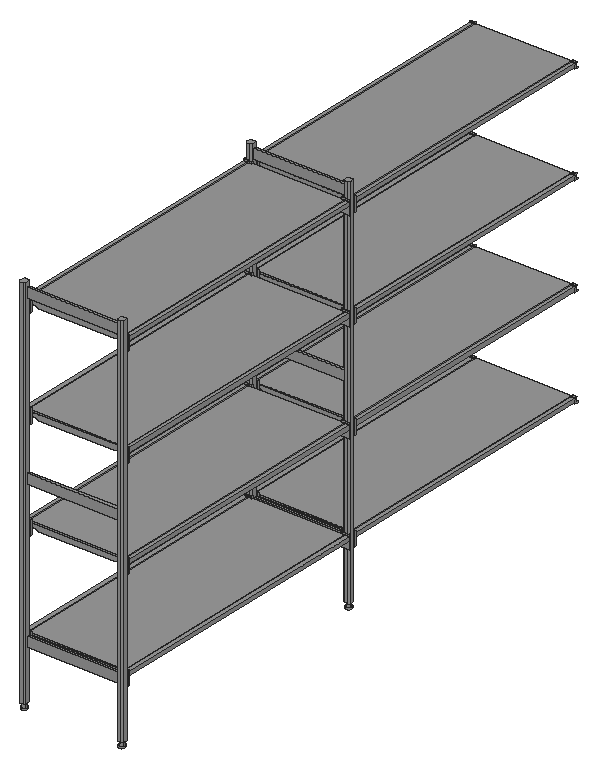
Revit family "QF_ZANUSSI_137087_CLS2548", category Attrezzature speciali, Revit 2020
Family settings
  Quota connettore circolare = Usa diametro
  Tipo di parte = Normale
  Basato su piano di lavoro = No
  Sempre verticale = Sì
  Taglio con vuoti quando caricato = No
  Condiviso = No
  Punto di calcolo locali = No
Parameters (values of type "Standard")
  Weight = 44.00 kg
  Watts = 0 W
  Volts = 0 V
  URL Manufacturer = "http://www.zanussiprofessional.com"
  URL = "http://www.zanussiprofessional.com"
  Steam Supply Size = 0 mm
  Steam Supply Minimum Pressure = 0.0 Pa
  Steam Supply Maximum Pressure = 0.0 Pa
  Steam Consumption per Hour = 0
  Refrigeration Suction Line Size = 0.0 mm
  Refrigeration Liquid Line Size = 0.0 mm
  Refrigerant Compressor Remote = yes
  Prospetto di default = 0.0 mm
  Phase = 0
  Modello = "CLS2548"
  Produttore = "Zanussi"
  Length Actual = 2552.0 mm  # constant formula
  Item Number = "137087"
  Hot Water Size = 0 mm
  Height Actual = 1700.0 mm  # constant formula
  HP = "0 HP"
  Gas Size = 0 mm
  Gas KW = 0
  Gas Input Pressure = 0 W
  Direct Waste Size = 0 mm
  Descrizione = "ALUM.CORNER SHELV.-POLY.TIERS-475X2552MM"
  Depth Actual = 475.0 mm  # constant formula
  Cycle = 0 Hz
  Condensate Return Size = 0 mm
  Compressed Air Volume = 0.0 L/s
  Compressed Air Size = 0 mm
  Compressed Air Pressure = 0.0 Pa
  Cold Water Size = 0 mm
  Accessory = yes
Reference planes
  plane 1: z = 0
  plane 2 "CenterLeft": y = -535.5
  plane 3 "FRONT": y = -921.5
  plane 4 "LEFT": x = 192.5
  plane 5 "RIGHT": x = 667.5
  plane 6 "TOP": z = 1700
  plane 7: y = -889.5
  plane 8: y = 350.5
  plane 9 "Center (Left/Back)": x = 430
  plane 10: x = 256
  plane 11: x = 668
  plane 12 "FEET": z = 25
  plane 13: z = 275
  plane 14: z = 725
  plane 15: z = 1175
  plane 16: z = 1625
  plane 17 "CXLeft": y = -907.5
  plane 18 "Center (Front/Back)": y = 368.5
  plane 19 "CYFront": x = 510
  plane 20: y = 1626.5
  plane 21: y = 386.5
  plane 22 "BACK": y = 1630.5
  plane 23 "LEFT_ORIGIN": x = 158.5
  plane 24 "BACK_ORIGIN": y = 2105.5
Forms (mm)
  Extrusion 1, solid, material "QF_Aluminum"
    sketch origin (38.022, -921.5, -4.006) x (-1, 0, 0) y (0, 0, 1)
      loop
        line (-189.5, 1637.003) -> (-173.5, 1637.003) -> (-173.5, 1655) -> (-175.493, 1655) -> (-175.493, 1648.501) -> (-608.5, 1648.501) -> (-608.5, 1655) -> (-610.5, 1655) -> (-610.5, 1637.003) -> (-594.5, 1637.003) -> (-560.5, 1625) -> (-223.5, 1625) -> (-189.5, 1637.003)
      loop
        line (-189.5, 1187.003) -> (-173.5, 1187.003) -> (-173.5, 1205) -> (-175.493, 1205) -> (-175.493, 1198.501) -> (-608.5, 1198.501) -> (-608.5, 1205) -> (-610.5, 1205) -> (-610.5, 1187.003) -> (-594.5, 1187.003) -> (-560.5, 1175) -> (-223.5, 1175) -> (-189.5, 1187.003)
      loop
        line (-189.5, 737.003) -> (-173.5, 737.003) -> (-173.5, 755) -> (-175.493, 755) -> (-175.493, 748.501) -> (-608.5, 748.501) -> (-608.5, 755) -> (-610.5, 755) -> (-610.5, 737.003) -> (-594.5, 737.003) -> (-560.5, 725) -> (-223.5, 725) -> (-189.5, 737.003)
      loop
        line (-189.5, 287.003) -> (-173.5, 287.003) -> (-173.5, 305) -> (-175.493, 305) -> (-175.493, 298.501) -> (-608.5, 298.501) -> (-608.5, 305) -> (-610.5, 305) -> (-610.5, 287.003) -> (-594.5, 287.003) -> (-560.5, 275) -> (-223.5, 275) -> (-189.5, 287.003)
    from 37 to 32
  Extrusion 2, solid, material "QF_Aluminum"
    sketch origin (38.022, -921.5, 0) x (-1, 0, 0) y (0, 0, 1)
      loop
        line (-154.478, 246.005) -> (-154.478, 307.993) -> (-190.471, 307.993) -> (-190.471, 246.005) -> (-154.478, 246.005)
      loop
        line (-593.484, 246.005) -> (-593.484, 307.993) -> (-629.478, 307.993) -> (-629.478, 246.005) -> (-593.484, 246.005)
      loop
        line (-154.478, 696.005) -> (-154.478, 757.993) -> (-190.471, 757.993) -> (-190.471, 696.005) -> (-154.478, 696.005)
      loop
        line (-593.484, 696.005) -> (-593.484, 757.993) -> (-629.478, 757.993) -> (-629.478, 696.005) -> (-593.484, 696.005)
      loop
        line (-154.478, 1146.005) -> (-154.478, 1207.993) -> (-190.471, 1207.993) -> (-190.471, 1146.005) -> (-154.478, 1146.005)
      loop
        line (-593.484, 1146.005) -> (-593.484, 1207.993) -> (-629.478, 1207.993) -> (-629.478, 1146.005) -> (-593.484, 1146.005)
      loop
        line (-154.478, 1596.005) -> (-154.478, 1657.993) -> (-190.471, 1657.993) -> (-190.471, 1596.005) -> (-154.478, 1596.005)
      loop
        line (-593.484, 1596.005) -> (-593.484, 1657.993) -> (-629.478, 1657.993) -> (-629.478, 1596.005) -> (-593.484, 1596.005)
    from 28 to 32
  Extrusion 3, solid, material "QF_Aluminum"
    sketch origin (38.022, -921.5, 0) x (-1, 0, 0) y (0, 0, 1)
      loop
        line (-154.5, 1650.994) -> (-173.5, 1650.994) -> (-173.5, 1632.998) -> (-154.5, 1632.998) -> (-154.5, 1650.994)
      loop
        line (-154.5, 1200.994) -> (-173.5, 1200.994) -> (-173.5, 1182.998) -> (-154.5, 1182.998) -> (-154.5, 1200.994)
      loop
        line (-154.5, 750.994) -> (-173.5, 750.994) -> (-173.5, 732.998) -> (-154.5, 732.998) -> (-154.5, 750.994)
      loop
        line (-154.5, 300.994) -> (-173.5, 300.994) -> (-173.5, 282.998) -> (-154.5, 282.998) -> (-154.5, 300.994)
      loop
        line (-629.455, 1650.994) -> (-629.455, 1632.998) -> (-610.455, 1632.998) -> (-610.455, 1650.994) -> (-629.455, 1650.994)
      loop
        line (-629.455, 1200.994) -> (-629.455, 1182.998) -> (-610.455, 1182.998) -> (-610.455, 1200.994) -> (-629.455, 1200.994)
      loop
        line (-629.455, 750.994) -> (-629.455, 732.998) -> (-610.455, 732.998) -> (-610.455, 750.994) -> (-629.455, 750.994)
      loop
        line (-629.455, 300.994) -> (-629.455, 282.998) -> (-610.455, 282.998) -> (-610.455, 300.994) -> (-629.455, 300.994)
    from 32 to 1272
  Extrusion 4, solid, material "QF_Polyethylene"
    sketch origin (38.022, -921.5, 0) x (-1, 0, 0) y (0, 0, 1)
      loop
        line (-175.493, 1650.994) -> (-608.5, 1650.994) -> (-608.5, 1644.496) -> (-175.493, 1644.496) -> (-175.493, 1650.994)
      loop
        line (-175.493, 1200.994) -> (-608.5, 1200.994) -> (-608.5, 1194.496) -> (-175.493, 1194.496) -> (-175.493, 1200.994)
      loop
        line (-175.493, 750.994) -> (-608.5, 750.994) -> (-608.5, 744.496) -> (-175.493, 744.496) -> (-175.493, 750.994)
      loop
        line (-175.493, 300.994) -> (-608.5, 300.994) -> (-608.5, 294.496) -> (-175.493, 294.496) -> (-175.493, 300.994)
    from 32 to 1272
  Extrusion 5, solid, material "QF_Aluminum"
    sketch origin (38.022, 684.5, 0) x (-1, 0, 0) y (0, 0, 1)
      loop
        line (-154.5, 1650.994) -> (-173.5, 1650.994) -> (-173.5, 1632.998) -> (-154.5, 1632.998) -> (-154.5, 1650.994)
      loop
        line (-610.455, 1650.994) -> (-629.455, 1650.994) -> (-629.455, 1632.998) -> (-610.455, 1632.998) -> (-610.455, 1650.994)
      loop
        line (-154.5, 1200.994) -> (-173.5, 1200.994) -> (-173.5, 1182.998) -> (-154.5, 1182.998) -> (-154.5, 1200.994)
      loop
        line (-610.455, 1200.994) -> (-629.455, 1200.994) -> (-629.455, 1182.998) -> (-610.455, 1182.998) -> (-610.455, 1200.994)
      loop
        line (-154.5, 750.994) -> (-173.5, 750.994) -> (-173.5, 732.998) -> (-154.5, 732.998) -> (-154.5, 750.994)
      loop
        line (-610.455, 750.994) -> (-629.455, 750.994) -> (-629.455, 732.998) -> (-610.455, 732.998) -> (-610.455, 750.994)
      loop
        line (-154.5, 300.994) -> (-173.5, 300.994) -> (-173.5, 282.998) -> (-154.5, 282.998) -> (-154.5, 300.994)
      loop
        line (-610.455, 300.994) -> (-629.455, 300.994) -> (-629.455, 282.998) -> (-610.455, 282.998) -> (-610.455, 300.994)
    from 942 to -298
  Extrusion 6, solid, material "QF_Polyethylene"
    sketch origin (38.022, 684.5, 0) x (-1, 0, 0) y (0, 0, 1)
      loop
        line (-175.493, 1650.994) -> (-608.5, 1650.994) -> (-608.5, 1644.496) -> (-175.493, 1644.496) -> (-175.493, 1650.994)
      loop
        line (-175.493, 1200.994) -> (-608.5, 1200.994) -> (-608.5, 1194.496) -> (-175.493, 1194.496) -> (-175.493, 1200.994)
      loop
        line (-175.493, 750.994) -> (-608.5, 750.994) -> (-608.5, 744.496) -> (-175.493, 744.496) -> (-175.493, 750.994)
      loop
        line (-175.493, 300.994) -> (-608.5, 300.994) -> (-608.5, 294.496) -> (-175.493, 294.496) -> (-175.493, 300.994)
    from 942 to -298
Lines and regions (mm)
  symbolic lines
    curve 1: line (256, -912.5, 1700) -> (668, -912.5, 1700)
    curve 2: line (668, -902.5, 1700) -> (256, -902.5, 1700)
    curve 3: line (192.5, -893.5, 1700) -> (192.5, 354.5, 1700)
    curve 4: line (667.5, -889.5, 1700) -> (667.5, 350.5, 1700)
    curve 5: line (192.5, 382.5, 1700) -> (192.5, 1630.5, 1700)
    curve 6: line (667.5, 382.5, 1700) -> (667.5, 1630.5, 1700)
    curve 7: line (648.478, 350.5, 1700) -> (648.478, -889.5, 1700)
    curve 8: line (211.522, -889.5, 1700) -> (211.522, 350.5, 1700)
    curve 9: line (211.522, 386.5, 1700) -> (211.522, 1626.5, 1700)
    curve 10: line (648.478, 1626.5, 1700) -> (648.478, 386.5, 1700)
Dimensions and locks
  plane 3 "FRONT" to plane 2 "CenterLeft" = 386.0 mm
  locked: plane 6 "TOP" to level at 1700
  locked: plane 7 to plane 8 at 1240
  locked: plane 10 to plane 11 at 412
  plane 10 to plane 9 "Center (Left/Back)" to plane 11 = 174.0 mm, 238.0 mm
  equal spacing: plane 4 "LEFT", plane 9 "Center (Left/Back)", plane 5 "RIGHT"
  plane 12 "FEET" to level = 25.0 mm
  plane 6 "TOP" to plane 12 "FEET" = 1675.0 mm
  plane 13 to plane 12 "FEET" = 250.0 mm
  plane 14 to plane 13 = 450.0 mm
  plane 15 to plane 14 = 450.0 mm
  plane 16 to plane 15 = 450.0 mm
  locked: plane 21 to plane 20 at 1240
  locked: plane 8 to plane 18 "Center (Front/Back)" at 18
  locked: plane 18 "Center (Front/Back)" to plane 21 at 18
  locked: plane 3 "FRONT" to plane 7 at 32
  locked: plane 4 "LEFT" to plane 5 "RIGHT" at 475
  locked: plane 23 "LEFT_ORIGIN" to plane 5 "RIGHT" at 509
  locked: plane 22 "BACK" to plane 24 "BACK_ORIGIN" at 475
  locked: plane 22 "BACK" to plane 3 "FRONT" at 2552
  aligned and locked: level to plane 1
  aligned and locked: Extrusion 1 to plane 7
  aligned and locked: plane 7 to Extrusion 2
  aligned and locked: Extrusion 4 to plane 7
  aligned and locked: plane 8 to Extrusion 4
  aligned and locked: Extrusion 3 to plane 7
  aligned and locked: plane 8 to Extrusion 3
  aligned and locked: Extrusion 1 sketch curve to Extrusion 1 sketch curve  (x3)
  aligned and locked: Extrusion 5 sketch curve to Extrusion 5 sketch curve  (x2)
  aligned and locked: Extrusion 5 to plane 21  (x5)
  aligned and locked: Extrusion 6 to plane 21  (x5)
  aligned and locked: nested 2 to plane 18 "Center (Front/Back)"
  aligned and locked: plane 17 "CXLeft" to nested 1
  aligned and locked: plane 7 to Extrusion 3  (x3)
  aligned and locked: Extrusion 3 to plane 8  (x4)
  aligned and locked: Extrusion 4 to plane 8  (x4)
  aligned and locked: plane 20 to Extrusion 5
  aligned and locked: plane 20 to Extrusion 6
  aligned and locked: Extrusion 5 to plane 20  (x3)
  aligned and locked: Extrusion 6 to plane 20  (x3)
  aligned and locked: plane 9 "Center (Left/Back)" to nested 2
  aligned and locked: nested 3 to plane 22 "BACK"
Automatic sketch dimensions
  Extrusion 1 sketch curve to plane 19 "CYFront" = 138.522 mm  (x4)
  plane 11 to Extrusion 1 sketch curve = 35.478 mm  (x4)
  Extrusion 1 sketch curve to plane 13 = 4.006 mm
  Extrusion 1 sketch curve to Extrusion 1 sketch curve = 34.0 mm  (x4)
  Extrusion 1 sketch curve to plane 14 = 4.006 mm
  Extrusion 1 sketch curve to plane 15 = 4.006 mm
  Extrusion 1 sketch curve to plane 16 = 4.006 mm
  Extrusion 1 sketch curve to plane 10 = 5.522 mm  (x4)
  plane 10 to Extrusion 1 sketch curve = 28.478 mm  (x4)
  plane 13 to Extrusion 1 sketch curve = 7.998 mm  (x2)
  Extrusion 1 sketch curve to Extrusion 1 sketch curve = 11.498 mm  (x4)
  Extrusion 1 sketch curve to Extrusion 1 sketch curve = 6.499 mm  (x8)
  plane 14 to Extrusion 1 sketch curve = 7.998 mm  (x2)
  plane 15 to Extrusion 1 sketch curve = 7.998 mm  (x2)
  plane 16 to Extrusion 1 sketch curve = 7.998 mm  (x2)
  plane 5 "RIGHT" to Extrusion 2 sketch curve = 35.993 mm  (x4)
  Extrusion 2 sketch curve to plane 4 "LEFT" = 0.0 mm  (x4)
  plane 11 to Extrusion 2 sketch curve = 0.5 mm  (x4)
  plane 10 to Extrusion 2 sketch curve = 27.507 mm  (x4)
  Extrusion 2 sketch curve to plane 13 = 28.995 mm  (x2)
  plane 13 to Extrusion 2 sketch curve = 32.993 mm  (x2)
  Extrusion 2 sketch curve to plane 14 = 28.995 mm  (x2)
  plane 14 to Extrusion 2 sketch curve = 32.993 mm  (x2)
  Extrusion 2 sketch curve to plane 15 = 28.995 mm  (x2)
  plane 15 to Extrusion 2 sketch curve = 32.993 mm  (x2)
  Extrusion 2 sketch curve to plane 16 = 28.995 mm  (x2)
  plane 16 to Extrusion 2 sketch curve = 32.993 mm  (x2)
  plane 13 to Extrusion 4 sketch curve = 19.496 mm
  Extrusion 4 sketch curve to Extrusion 4 sketch curve = 6.499 mm  (x4)
  plane 14 to Extrusion 4 sketch curve = 19.496 mm
  plane 15 to Extrusion 4 sketch curve = 19.496 mm
  plane 16 to Extrusion 4 sketch curve = 19.496 mm
  plane 5 "RIGHT" to Extrusion 5 sketch curve = 0.022 mm  (x4)
  Extrusion 5 sketch curve to plane 4 "LEFT" = 19.022 mm  (x4)
  Extrusion 5 sketch curve to plane 19 "CYFront" = 138.478 mm  (x2)
  plane 13 to Extrusion 5 sketch curve = 7.998 mm  (x2)
  Extrusion 5 sketch curve to Extrusion 5 sketch curve = 17.997 mm  (x8)
  plane 14 to Extrusion 5 sketch curve = 7.998 mm  (x2)
  plane 15 to Extrusion 5 sketch curve = 7.998 mm  (x2)
  plane 16 to Extrusion 5 sketch curve = 7.998 mm  (x2)
  Extrusion 6 sketch curve to plane 19 "CYFront" = 136.522 mm  (x4)
  plane 13 to Extrusion 6 sketch curve = 19.496 mm
  Extrusion 6 sketch curve to Extrusion 6 sketch curve = 6.499 mm  (x4)
  plane 14 to Extrusion 6 sketch curve = 19.496 mm
  plane 15 to Extrusion 6 sketch curve = 19.496 mm
  plane 16 to Extrusion 6 sketch curve = 19.496 mm
  plane 5 "RIGHT" to Extrusion 3 sketch curve = 0.022 mm  (x4)
  Extrusion 3 sketch curve to Extrusion 3 sketch curve = 19.0 mm  (x4)
  plane 14 to Extrusion 3 sketch curve = 7.998 mm  (x2)
  plane 10 to Extrusion 3 sketch curve = 44.478 mm  (x4)
  Extrusion 3 sketch curve to plane 4 "LEFT" = 0.022 mm  (x4)
  plane 13 to Extrusion 3 sketch curve = 25.994 mm  (x2)
  plane 13 to Extrusion 3 sketch curve = 7.998 mm  (x2)
  Extrusion 3 sketch curve to Extrusion 3 sketch curve = 17.997 mm  (x6)
  plane 15 to Extrusion 3 sketch curve = 7.998 mm  (x2)
  plane 16 to Extrusion 3 sketch curve = 7.998 mm  (x2)
  plane 10 to Extrusion 1 sketch curve = 42.484 mm  (x4)
  plane 10 to Extrusion 1 sketch curve = 44.478 mm  (x2)
  Extrusion 1 sketch curve to Extrusion 1 sketch curve = 1.993 mm  (x2)
  plane 10 to Extrusion 4 sketch curve = 42.484 mm  (x4)
  Extrusion 5 sketch curve to plane 4 "LEFT" = 0.022 mm  (x4)
  plane 10 to Extrusion 6 sketch curve = 42.484 mm  (x4)
  Extrusion 1 sketch curve to Extrusion 1 sketch curve = 2.0 mm
  plane 5 "RIGHT" to Extrusion 4 sketch curve = 20.978 mm  (x4)
  curve 1 to plane 11 = 0.0 mm
  curve 1 to plane 10 = 0.0 mm
  curve 2 to plane 10 = 0.0 mm
  curve 2 to plane 11 = 0.0 mm
  curve 3 to plane 4 "LEFT" = 0.0 mm
  curve 4 to plane 5 "RIGHT" = 0.0 mm
  plane 7 to curve 4 = 0.0 mm
  plane 7 to curve 8 = 0.0 mm
  plane 8 to curve 8 = 0.0 mm
  plane 8 to curve 7 = 0.0 mm
  plane 8 to curve 4 = 0.0 mm
  curve 5 to plane 4 "LEFT" = 0.0 mm
  curve 6 to plane 5 "RIGHT" = 0.0 mm
  plane 20 to curve 9 = 0.0 mm
  plane 22 "BACK" to curve 5 = 0.0 mm
  plane 22 "BACK" to curve 6 = 0.0 mm
  plane 7 to curve 3 = 4.0 mm
  plane 17 "CXLeft" to curve 2 = 5.0 mm
  curve 1 to plane 17 "CXLeft" = 5.0 mm
  curve 3 to plane 8 = 4.0 mm
  curve 6 to plane 21 = 4.0 mm
  curve 9 to plane 4 "LEFT" = 19.022 mm
  curve 8 to plane 4 "LEFT" = 19.022 mm
  curve 9 to plane 21 = 0.0 mm
  plane 21 to curve 10 = 0.0 mm
  curve 5 to plane 21 = 4.0 mm
  plane 7 to curve 7 = 0.0 mm
  curve 4 to curve 7 = 19.022 mm
  plane 20 to curve 10 = 0.0 mm
  plane 5 "RIGHT" to curve 10 = 19.022 mm
Nested families
  nested 1: "WT_Anta475" at (215.5, -504.5, 0) x (0, 1, 0) z (0, 0, 1), type "WT_Anta475"
  nested 2: "WT_Anta475Center" at (215.5, 771.5, 0) x (0, 1, 0) z (0, 0, 1), type "WT_Anta475Center"
  nested 3: "WT_Aggancio475" at (215.5, 2038.5, 0) x (0, 1, 0) z (0, 0, 1), type "WT_Aggancio475"
Definition of nested family "WT_Anta475"
  Parameters
    WidthLeft = A + 64.0 mm  # 772.0 mm
    Width = 1606.0 mm
    Right = WidthLeft / 2  # 386.0 mm
    Default Elevation = 0.0 mm
    Left = -WidthLeft / 2  # -386.0 mm
    Height = 1725.0 mm
    FEET = 25.0 mm
    E = 0.0 mm
    Dint = Depth - 63.0 mm  # 412.0 mm
    Dext = Depth - 8.0 mm  # 467.0 mm
    Depth = 475.0 mm
    DX = (WidthLeft - A) / 2  # 32.0 mm
    B = 798.0 mm
    A = 708.0 mm
  Reference planes
    plane 1: z = 0
    plane 2 "LEFT": x = -417
    plane 3 "BACK": y = 23
    plane 4 "FRONT": y = -452
    plane 5 "TOP": z = 1725
    plane 6 "Center (Front/Back)": y = -214.5
    plane 7: y = -8.5
    plane 8: y = -420.5
    plane 9 "FEET": z = 25
    plane 10: z = 275
    plane 11: z = 725
    plane 12: z = 1175
    plane 13: z = 1625
    plane 14 "CXLeft": x = -403
    plane 15: y = 5.5
    plane 16 "CYBack": y = 5.5
    plane 17 "CYFront": y = -434.5
    plane 18: x = -385.031
    plane 19: x = -380.031
  Forms (mm)
    Extrusion 1, solid
      sketch origin (0, 0, 0) x (1, 0, 0) y (0, 1, 0)
        loop
          line (-417, 13.246) -> (-417, -2.246) -> (-410.746, -8.5) -> (-395.254, -8.5) -> (-389, -2.246) -> (-389, 13.246) -> (-395.254, 19.5) -> (-410.746, 19.5) -> (-417, 13.246)
      from 1725 to 25
    Extrusion 2, solid
      sketch origin (-417, 0, 0) x (0, 1, 0) y (0, 0, 1)
        loop
          line (23, 246.005) -> (23, 307.993) -> (-12.993, 307.993) -> (-12.993, 246.005) -> (23, 246.005)
        loop
          line (-452, 246.005) -> (-416.007, 246.005) -> (-416.007, 307.993) -> (-452, 307.993) -> (-452, 246.005)
        loop
          line (23, 696.005) -> (23, 757.993) -> (-12.993, 757.993) -> (-12.993, 696.005) -> (23, 696.005)
        loop
          line (-452, 696.005) -> (-416.007, 696.005) -> (-416.007, 757.993) -> (-452, 757.993) -> (-452, 696.005)
        loop
          line (23, 1146.005) -> (23, 1207.993) -> (-12.993, 1207.993) -> (-12.993, 1146.005) -> (23, 1146.005)
        loop
          line (-452, 1146.005) -> (-416.007, 1146.005) -> (-416.007, 1207.993) -> (-452, 1207.993) -> (-452, 1146.005)
        loop
          line (23, 1596.005) -> (23, 1657.993) -> (-12.993, 1657.993) -> (-12.993, 1596.005) -> (23, 1596.005)
        loop
          line (-452, 1596.005) -> (-416.007, 1596.005) -> (-416.007, 1657.993) -> (-452, 1657.993) -> (-452, 1596.005)
      from 28 to 32
    Revolve 3, solid
      sketch origin (-403, 0, 0) x (0, 1, 0) y (0, 0, 1)
        loop
          line (5.5, 25) -> (5.5, 0) -> (19, 0) -> (19, 5) -> (14, 5) -> (14, 25) -> (5.5, 25)
        axis (5.5, 25) -> (5.5, 0)
      angle from 0 to 360
    Extrusion 4, solid
      sketch origin (-403, 0, 0) x (0, 1, 0) y (0, 0, 1)
        loop
          line (-8.5, 912.382) -> (-8.5, 957.374) -> (-420.5, 957.374) -> (-420.5, 912.382) -> (-8.5, 912.382)
        loop
          line (-8.5, 1662.244) -> (-8.5, 1707.236) -> (-420.5, 1707.236) -> (-420.5, 1662.244) -> (-8.5, 1662.244)
      from -5 to 5
    Revolve 5, solid
      sketch origin (-403, -627, 0) x (0, -1, 0) y (0, 0, 1)
        loop
          line (-192.5, 25) -> (-192.5, 0) -> (-179, 0) -> (-179, 5) -> (-184, 5) -> (-184, 25) -> (-192.5, 25)
        axis (-192.5, 25) -> (-192.5, 0)
      angle from 0 to 360
    Extrusion 6, solid
      sketch origin (0, -627, 0) x (1, 0, 0) y (0, 1, 0)
        loop
          line (-417, 184.754) -> (-410.746, 178.5) -> (-395.254, 178.5) -> (-389, 184.754) -> (-389, 200.246) -> (-395.254, 206.5) -> (-410.746, 206.5) -> (-417, 200.246) -> (-417, 184.754)
      from 1725 to 25
    Extrusion 7, solid
      sketch origin (-417.031, -0.022, 0) x (0, 1, 0) y (0, 0, -1)
        loop
          line (-12, -1632.998) -> (-46, -1620.994) -> (-383, -1620.994) -> (-417, -1632.998) -> (-433, -1632.998) -> (-433, -1650.994) -> (-431, -1650.994) -> (-431, -1644.496) -> (2.007, -1644.496) -> (2.007, -1650.994) -> (4, -1650.994) -> (4, -1632.998) -> (-12, -1632.998)
        loop
          line (-12, -1182.998) -> (-46, -1170.994) -> (-383, -1170.994) -> (-417, -1182.998) -> (-433, -1182.998) -> (-433, -1200.994) -> (-431, -1200.994) -> (-431, -1194.496) -> (2.007, -1194.496) -> (2.007, -1200.994) -> (4, -1200.994) -> (4, -1182.998) -> (-12, -1182.998)
        loop
          line (-12, -732.998) -> (-46, -720.994) -> (-383, -720.994) -> (-417, -732.998) -> (-433, -732.998) -> (-433, -750.994) -> (-431, -750.994) -> (-431, -744.496) -> (2.007, -744.496) -> (2.007, -750.994) -> (4, -750.994) -> (4, -732.998) -> (-12, -732.998)
        loop
          line (-12, -282.998) -> (-46, -270.994) -> (-383, -270.994) -> (-417, -282.998) -> (-433, -282.998) -> (-433, -300.994) -> (-431, -300.994) -> (-431, -294.496) -> (2.007, -294.496) -> (2.007, -300.994) -> (4, -300.994) -> (4, -282.998) -> (-12, -282.998)
      from -32 to -37
    Extrusion 8, solid
      sketch origin (-403, 0, -659.878) x (0, 1, 0) y (0, 0, 1)
        loop
          line (-8.5, 912.382) -> (-8.5, 957.374) -> (-420.5, 957.374) -> (-420.5, 912.382) -> (-8.5, 912.382)
        loop
          line (-8.5, 1572.382) -> (-8.5, 1617.374) -> (-420.5, 1617.374) -> (-420.5, 1572.382) -> (-8.5, 1572.382)
        loop
          line (-8.5, 2322.382) -> (-8.5, 2367.374) -> (-420.5, 2367.374) -> (-420.5, 2322.382) -> (-8.5, 2322.382)
      from -5 to 5
  Lines and regions (mm)
    symbolic lines
      curve 1: line (-408, -8.5, 1725) -> (-408, -420.5, 1725)
      curve 2: line (-398, -420.5, 1725) -> (-398, -8.5, 1725)
      curve 3: line (-395.254, -8.5, 1725) -> (-410.746, -8.5, 1725)
      curve 4: line (-417, -2.246, 1725) -> (-410.746, -8.5, 1725)
      curve 5: line (-417, 13.246, 1725) -> (-417, -2.246, 1725)
      curve 6: line (-410.746, 19.5, 1725) -> (-417, 13.246, 1725)
      curve 7: line (-395.254, 19.5, 1725) -> (-410.746, 19.5, 1725)
      curve 8: line (-389, 13.246, 1725) -> (-395.254, 19.5, 1725)
      curve 9: line (-395.254, -8.5, 1725) -> (-389, -2.246, 1725)
      curve 10: line (-395.254, -420.5, 1725) -> (-410.746, -420.5, 1725)
      curve 11: line (-417, -426.754, 1725) -> (-410.746, -420.5, 1725)
      curve 12: line (-410.746, -448.5, 1725) -> (-417, -442.246, 1725)
      curve 13: line (-395.254, -448.5, 1725) -> (-410.746, -448.5, 1725)
      curve 14: line (-389, -442.246, 1725) -> (-395.254, -448.5, 1725)
      curve 15: line (-395.254, -420.5, 1725) -> (-389, -426.754, 1725)
      curve 16: line (-389, -452, 1725) -> (-389, -416.007, 1725)
      curve 17: line (-389, -416.007, 1725) -> (-385, -416.007, 1725)
      curve 18: line (-389, 23, 1725) -> (-389, -12.993, 1725)
      curve 19: line (-389, -12.993, 1725) -> (-385, -12.993, 1725)
      curve 20: line (-417, -426.754, 1725) -> (-417, -442.246, 1725)
      curve 21: line (-385, -452, 1725) -> (-385, -416.007, 1725)
      curve 22: line (-385, -452, 1725) -> (-389, -452, 1725)
      curve 23: line (-385, 23, 1725) -> (-389, 23, 1725)
      curve 24: line (-385, -12.993, 1725) -> (-385, 23, 1725)
      curve 25: line (-385.031, -13.016, 1725) -> (-385.031, -416.029, 1725)
  Dimensions and locks
    "Height": plane 5 "TOP" to level
    "Depth": plane 3 "BACK" to plane 4 "FRONT"
    "Dint": plane 7 to plane 8
    equal spacing: plane 7, plane 6 "Center (Front/Back)", plane 8
    equal spacing: plane 3 "BACK", plane 6 "Center (Front/Back)", plane 4 "FRONT"
    plane 9 "FEET" to level = 25.0 mm
    plane 5 "TOP" to plane 9 "FEET" = 1700.0 mm
    plane 10 to plane 9 "FEET" = 250.0 mm
    plane 11 to plane 10 = 450.0 mm
    plane 12 to plane 11 = 450.0 mm
    plane 13 to plane 12 = 450.0 mm
    locked: plane 2 "LEFT" to plane 14 "CXLeft" at 14
    locked: plane 3 "BACK" to plane 16 "CYBack" at 17.5
    locked: plane 17 "CYFront" to plane 4 "FRONT" at 17.5
    locked: Revolve 3 sketch curve to Revolve 3 sketch curve at 8.5
    locked: Revolve 3 sketch curve to plane 16 "CYBack" at 13.5
    locked: Revolve 5 sketch curve to Revolve 5 sketch curve at 8.5
    aligned and locked: level to plane 1
    aligned and locked: curve 20 to Extrusion 6
    aligned and locked: plane 5 "TOP" to Extrusion 1
    aligned and locked: plane 5 "TOP" to Extrusion 6
    aligned and locked: Extrusion 7 sketch curve to Extrusion 7 sketch curve  (x3)
  Automatic sketch dimensions
    curve 16 to plane 4 "FRONT" = 0.0 mm
    curve 11 to plane 8 = 0.0 mm
    curve 9 to plane 7 = 0.0 mm
    curve 5 to plane 2 "LEFT" = 0.0 mm
    curve 23 to plane 3 "BACK" = 0.0 mm
    plane 4 "FRONT" to curve 13 = 3.5 mm
    curve 20 to plane 17 "CYFront" = 7.746 mm
    curve 20 to plane 8 = 6.254 mm
    plane 8 to curve 16 = 4.493 mm
    curve 24 to plane 18 = 0.031 mm
    curve 24 to plane 7 = 4.493 mm
    plane 7 to curve 5 = 6.254 mm
    curve 5 to plane 15 = 7.746 mm
    curve 6 to plane 3 "BACK" = 3.5 mm
    curve 21 to plane 18 = 0.031 mm
    plane 18 to curve 23 = 3.969 mm
    plane 18 to curve 16 = 3.969 mm
    curve 18 to curve 8 = 6.254 mm
    curve 18 to curve 3 = 6.254 mm
    curve 16 to curve 13 = 6.254 mm
    curve 16 to curve 15 = 6.254 mm
    plane 2 "LEFT" to curve 10 = 6.254 mm
    plane 2 "LEFT" to curve 7 = 6.254 mm
    plane 2 "LEFT" to curve 12 = 6.254 mm
    plane 2 "LEFT" to curve 3 = 6.254 mm
    curve 14 to plane 17 "CYFront" = 7.746 mm
    curve 15 to plane 8 = 6.254 mm
    plane 7 to curve 9 = 6.254 mm
    curve 8 to plane 15 = 7.746 mm
    curve 3 to curve 2 = 2.746 mm
    curve 1 to curve 10 = 2.746 mm
    Extrusion 1 sketch curve to plane 2 "LEFT" = 0.0 mm
    Extrusion 1 sketch curve to plane 7 = 0.0 mm
    plane 2 "LEFT" to Extrusion 1 sketch curve = 6.254 mm  (x2)
    plane 14 "CXLeft" to Extrusion 1 sketch curve = 7.746 mm  (x2)
    Extrusion 1 sketch curve to plane 3 "BACK" = 3.5 mm
    plane 18 to Extrusion 1 sketch curve = 3.969 mm
    plane 7 to Extrusion 1 sketch curve = 6.254 mm  (x2)
    Extrusion 1 sketch curve to plane 15 = 7.746 mm  (x2)
    Extrusion 2 sketch curve to plane 4 "FRONT" = 0.0 mm  (x4)
    Extrusion 2 sketch curve to plane 3 "BACK" = 0.0 mm  (x4)
    plane 8 to Extrusion 2 sketch curve = 4.493 mm  (x4)
    Extrusion 2 sketch curve to plane 7 = 4.493 mm  (x4)
    Extrusion 2 sketch curve to plane 10 = 28.995 mm  (x2)
    plane 10 to Extrusion 2 sketch curve = 32.993 mm  (x2)
    Extrusion 2 sketch curve to plane 11 = 28.995 mm  (x2)
    plane 11 to Extrusion 2 sketch curve = 32.993 mm  (x2)
    Extrusion 2 sketch curve to plane 12 = 28.995 mm  (x2)
    plane 12 to Extrusion 2 sketch curve = 32.993 mm  (x2)
    Extrusion 2 sketch curve to plane 13 = 28.995 mm  (x2)
    plane 13 to Extrusion 2 sketch curve = 32.993 mm  (x2)
    Revolve 3 sketch curve to plane 9 "FEET" = 0.0 mm  (x2)
    Revolve 3 sketch curve to plane 15 = 0.0 mm  (x2)
    Revolve 3 sketch curve to level = 0.0 mm
    level to Revolve 3 sketch curve = 5.0 mm
    Revolve 3 sketch curve to Revolve 3 sketch curve = 11.655 mm
    Extrusion 4 sketch curve to plane 8 = 0.0 mm  (x2)
    Extrusion 4 sketch curve to plane 7 = 0.0 mm  (x2)
    plane 11 to Extrusion 4 sketch curve = 187.382 mm
    Extrusion 4 sketch curve to Extrusion 4 sketch curve = 44.992 mm
    plane 13 to Extrusion 4 sketch curve = 37.244 mm
    Extrusion 4 sketch curve to plane 5 "TOP" = 17.764 mm
    Revolve 5 sketch curve to plane 9 "FEET" = 0.0 mm  (x2)
    Revolve 5 sketch curve to plane 17 "CYFront" = 0.0 mm  (x2)
    Revolve 5 sketch curve to level = 0.0 mm
    Revolve 5 sketch curve to plane 4 "FRONT" = 4.0 mm
    Revolve 5 sketch curve to Revolve 5 sketch curve = 5.0 mm
    level to Revolve 5 sketch curve = 11.655 mm
    Extrusion 6 sketch curve to plane 2 "LEFT" = 0.0 mm
    Extrusion 6 sketch curve to plane 8 = 0.0 mm
    Extrusion 6 sketch curve to plane 2 "LEFT" = 6.254 mm  (x2)
    Extrusion 6 sketch curve to plane 14 "CXLeft" = 7.746 mm  (x2)
    Extrusion 6 sketch curve to plane 4 "FRONT" = 3.5 mm
    Extrusion 6 sketch curve to plane 18 = 3.969 mm
    plane 8 to Extrusion 6 sketch curve = 6.254 mm  (x2)
    plane 17 "CYFront" to Extrusion 6 sketch curve = 7.746 mm  (x2)
    plane 17 "CYFront" to Extrusion 7 sketch curve = 1.478 mm  (x4)
    Extrusion 7 sketch curve to Extrusion 7 sketch curve = 2.0 mm
    plane 8 to Extrusion 7 sketch curve = 3.478 mm  (x4)
    Extrusion 7 sketch curve to plane 10 = 4.006 mm
    Extrusion 7 sketch curve to Extrusion 7 sketch curve = 34.0 mm  (x4)
    Extrusion 7 sketch curve to plane 11 = 4.006 mm
    Extrusion 7 sketch curve to plane 12 = 4.006 mm
    Extrusion 7 sketch curve to plane 13 = 4.006 mm
    Extrusion 7 sketch curve to plane 7 = 37.522 mm  (x4)
    Extrusion 7 sketch curve to plane 7 = 3.522 mm  (x4)
    plane 15 to Extrusion 7 sketch curve = 3.516 mm  (x4)
    plane 15 to Extrusion 7 sketch curve = 1.522 mm  (x4)
    plane 13 to Extrusion 7 sketch curve = 7.998 mm  (x2)
    Extrusion 7 sketch curve to Extrusion 7 sketch curve = 11.498 mm
    Extrusion 7 sketch curve to Extrusion 7 sketch curve = 6.499 mm  (x5)
    plane 12 to Extrusion 7 sketch curve = 25.994 mm  (x2)
    plane 12 to Extrusion 7 sketch curve = 7.998 mm  (x2)
    plane 11 to Extrusion 7 sketch curve = 25.994 mm  (x2)
    plane 11 to Extrusion 7 sketch curve = 7.998 mm  (x2)
    plane 10 to Extrusion 7 sketch curve = 25.994 mm  (x2)
    plane 10 to Extrusion 7 sketch curve = 7.998 mm  (x2)
    curve 25 to plane 18 = 0.0 mm
    plane 8 to curve 25 = 4.471 mm
    curve 25 to plane 7 = 4.516 mm
    Extrusion 8 sketch curve to plane 8 = 0.0 mm  (x3)
    Extrusion 8 sketch curve to plane 7 = 0.0 mm  (x3)
    Extrusion 8 sketch curve to plane 10 = 22.496 mm
    plane 10 to Extrusion 8 sketch curve = 22.496 mm
    plane 11 to Extrusion 8 sketch curve = 187.504 mm
    Extrusion 8 sketch curve to Extrusion 8 sketch curve = 44.992 mm
    plane 13 to Extrusion 8 sketch curve = 37.504 mm
    Extrusion 8 sketch curve to plane 5 "TOP" = 17.504 mm
Definition of nested family "WT_Anta475Center"
  Parameters
    WidthLeft = A + 64.0 mm  # 772.0 mm
    Width = 1606.0 mm
    Right = WidthLeft / 2  # 386.0 mm
    Default Elevation = 0.0 mm
    Left = -WidthLeft / 2  # -386.0 mm
    Height = 1725.0 mm
    FEET = 25.0 mm
    E = 0.0 mm
    Dint = Depth - 63.0 mm  # 412.0 mm
    Dext = Depth - 8.0 mm  # 467.0 mm
    Depth = 475.0 mm
    DX = (WidthLeft - A) / 2  # 32.0 mm
    B = 798.0 mm
    A = 708.0 mm
  Reference planes
    plane 1: z = 0
    plane 2 "L": x = -417
    plane 3 "BACK": y = 23
    plane 4 "FRONT": y = -452
    plane 5 "TOP": z = 1725
    plane 6 "Center (Front/Back)": y = -214.5
    plane 7: y = -8.5
    plane 8: y = -420.5
    plane 9 "FEET": z = 25
    plane 10: z = 275
    plane 11: z = 725
    plane 12: z = 1175
    plane 13: z = 1625
    plane 14 "CXLeft": x = -403
    plane 15: y = 5.5
    plane 16 "CYBack": y = 5.5
    plane 17 "CYFront": y = -434.5
    plane 18: x = -385.031
    plane 19 "RIGHT": x = -380.031
    plane 20: x = -420.969
    plane 21 "LEFT": x = -425.969
  Forms (mm)
    Extrusion 1, solid
      sketch origin (0, 0, 0) x (1, 0, 0) y (0, 1, 0)
        loop
          line (-417, 13.246) -> (-417, -2.246) -> (-410.746, -8.5) -> (-395.254, -8.5) -> (-389, -2.246) -> (-389, 13.246) -> (-395.254, 19.5) -> (-410.746, 19.5) -> (-417, 13.246)
      from 1725 to 25
    Extrusion 2, solid
      sketch origin (-417, 0, 0) x (0, 1, 0) y (0, 0, 1)
        loop
          line (23, 246.005) -> (23, 307.993) -> (-12.993, 307.993) -> (-12.993, 246.005) -> (23, 246.005)
        loop
          line (-452, 246.005) -> (-416.007, 246.005) -> (-416.007, 307.993) -> (-452, 307.993) -> (-452, 246.005)
        loop
          line (23, 696.005) -> (23, 757.993) -> (-12.993, 757.993) -> (-12.993, 696.005) -> (23, 696.005)
        loop
          line (-452, 696.005) -> (-416.007, 696.005) -> (-416.007, 757.993) -> (-452, 757.993) -> (-452, 696.005)
        loop
          line (23, 1146.005) -> (23, 1207.993) -> (-12.993, 1207.993) -> (-12.993, 1146.005) -> (23, 1146.005)
        loop
          line (-452, 1146.005) -> (-416.007, 1146.005) -> (-416.007, 1207.993) -> (-452, 1207.993) -> (-452, 1146.005)
        loop
          line (23, 1596.005) -> (23, 1657.993) -> (-12.993, 1657.993) -> (-12.993, 1596.005) -> (23, 1596.005)
        loop
          line (-452, 1596.005) -> (-416.007, 1596.005) -> (-416.007, 1657.993) -> (-452, 1657.993) -> (-452, 1596.005)
      from 28 to 32
    Revolve 3, solid
      sketch origin (-403, 0, 0) x (0, 1, 0) y (0, 0, 1)
        loop
          line (5.5, 25) -> (5.5, 0) -> (19, 0) -> (19, 5) -> (14, 5) -> (14, 25) -> (5.5, 25)
        axis (5.5, 25) -> (5.5, 0)
      angle from 0 to 360
    Extrusion 4, solid
      sketch origin (-403, 0, 0) x (0, 1, 0) y (0, 0, 1)
        loop
          line (-8.5, 912.382) -> (-8.5, 957.374) -> (-420.5, 957.374) -> (-420.5, 912.382) -> (-8.5, 912.382)
        loop
          line (-8.5, 1662.244) -> (-8.5, 1707.236) -> (-420.5, 1707.236) -> (-420.5, 1662.244) -> (-8.5, 1662.244)
      from -5 to 5
    Revolve 5, solid
      sketch origin (-403, -627, 0) x (0, -1, 0) y (0, 0, 1)
        loop
          line (-192.5, 25) -> (-192.5, 0) -> (-179, 0) -> (-179, 5) -> (-184, 5) -> (-184, 25) -> (-192.5, 25)
        axis (-192.5, 25) -> (-192.5, 0)
      angle from 0 to 360
    Extrusion 6, solid
      sketch origin (0, -627, 0) x (1, 0, 0) y (0, 1, 0)
        loop
          line (-417, 184.754) -> (-410.746, 178.5) -> (-395.254, 178.5) -> (-389, 184.754) -> (-389, 200.246) -> (-395.254, 206.5) -> (-410.746, 206.5) -> (-417, 200.246) -> (-417, 184.754)
      from 1725 to 25
    Extrusion 7, solid
      sketch origin (-417.031, -0.022, 0) x (0, 1, 0) y (0, 0, -1)
        loop
          line (-12, -1632.998) -> (-46, -1620.994) -> (-383, -1620.994) -> (-417, -1632.998) -> (-433, -1632.998) -> (-433, -1650.994) -> (-431, -1650.994) -> (-431, -1644.496) -> (2.007, -1644.496) -> (2.007, -1650.994) -> (4, -1650.994) -> (4, -1632.998) -> (-12, -1632.998)
        loop
          line (-12, -1182.998) -> (-46, -1170.994) -> (-383, -1170.994) -> (-417, -1182.998) -> (-433, -1182.998) -> (-433, -1200.994) -> (-431, -1200.994) -> (-431, -1194.496) -> (2.007, -1194.496) -> (2.007, -1200.994) -> (4, -1200.994) -> (4, -1182.998) -> (-12, -1182.998)
        loop
          line (-12, -732.998) -> (-46, -720.994) -> (-383, -720.994) -> (-417, -732.998) -> (-433, -732.998) -> (-433, -750.994) -> (-431, -750.994) -> (-431, -744.496) -> (2.007, -744.496) -> (2.007, -750.994) -> (4, -750.994) -> (4, -732.998) -> (-12, -732.998)
        loop
          line (-12, -282.998) -> (-46, -270.994) -> (-383, -270.994) -> (-417, -282.998) -> (-433, -282.998) -> (-433, -300.994) -> (-431, -300.994) -> (-431, -294.496) -> (2.007, -294.496) -> (2.007, -300.994) -> (4, -300.994) -> (4, -282.998) -> (-12, -282.998)
      from -32 to -37
    Extrusion 8, solid
      sketch origin (-403, 0, -659.878) x (0, 1, 0) y (0, 0, 1)
        loop
          line (-8.5, 912.382) -> (-8.5, 957.374) -> (-420.5, 957.374) -> (-420.5, 912.382) -> (-8.5, 912.382)
        loop
          line (-8.5, 1572.382) -> (-8.5, 1617.374) -> (-420.5, 1617.374) -> (-420.5, 1572.382) -> (-8.5, 1572.382)
        loop
          line (-8.5, 2322.382) -> (-8.5, 2367.374) -> (-420.5, 2367.374) -> (-420.5, 2322.382) -> (-8.5, 2322.382)
      from -5 to 5
    Extrusion 9, solid
      sketch origin (-389, 0, 0) x (0, 1, 0) y (0, 0, -1)
        loop
          line (23, -246.005) -> (-12.993, -246.005) -> (-12.993, -307.993) -> (23, -307.993) -> (23, -246.005)
        loop
          line (-452, -246.005) -> (-452, -307.993) -> (-416.007, -307.993) -> (-416.007, -246.005) -> (-452, -246.005)
        loop
          line (23, -696.005) -> (-12.993, -696.005) -> (-12.993, -757.993) -> (23, -757.993) -> (23, -696.005)
        loop
          line (-452, -696.005) -> (-452, -757.993) -> (-416.007, -757.993) -> (-416.007, -696.005) -> (-452, -696.005)
        loop
          line (23, -1146.005) -> (-12.993, -1146.005) -> (-12.993, -1207.993) -> (23, -1207.993) -> (23, -1146.005)
        loop
          line (-452, -1146.005) -> (-452, -1207.993) -> (-416.007, -1207.993) -> (-416.007, -1146.005) -> (-452, -1146.005)
        loop
          line (23, -1596.005) -> (-12.993, -1596.005) -> (-12.993, -1657.993) -> (23, -1657.993) -> (23, -1596.005)
        loop
          line (-452, -1596.005) -> (-452, -1657.993) -> (-416.007, -1657.993) -> (-416.007, -1596.005) -> (-452, -1596.005)
      from 28 to 32
    Extrusion 10, solid
      sketch origin (-388.969, -0.022, 0) x (0, 1, 0) y (0, 0, 1)
        loop
          line (-12, 1632.998) -> (4, 1632.998) -> (4, 1650.994) -> (2.007, 1650.994) -> (2.007, 1644.496) -> (-431, 1644.496) -> (-431, 1650.994) -> (-433, 1650.994) -> (-433, 1632.998) -> (-417, 1632.998) -> (-383, 1620.994) -> (-46, 1620.994) -> (-12, 1632.998)
        loop
          line (-12, 1182.998) -> (4, 1182.998) -> (4, 1200.994) -> (2.007, 1200.994) -> (2.007, 1194.496) -> (-431, 1194.496) -> (-431, 1200.994) -> (-433, 1200.994) -> (-433, 1182.998) -> (-417, 1182.998) -> (-383, 1170.994) -> (-46, 1170.994) -> (-12, 1182.998)
        loop
          line (-12, 732.998) -> (4, 732.998) -> (4, 750.994) -> (2.007, 750.994) -> (2.007, 744.496) -> (-431, 744.496) -> (-431, 750.994) -> (-433, 750.994) -> (-433, 732.998) -> (-417, 732.998) -> (-383, 720.994) -> (-46, 720.994) -> (-12, 732.998)
        loop
          line (-12, 282.998) -> (4, 282.998) -> (4, 300.994) -> (2.007, 300.994) -> (2.007, 294.496) -> (-431, 294.496) -> (-431, 300.994) -> (-433, 300.994) -> (-433, 282.998) -> (-417, 282.998) -> (-383, 270.994) -> (-46, 270.994) -> (-12, 282.998)
      from -32 to -37
  Lines and regions (mm)
    symbolic lines
      curve 1: line (-408, -8.5, 1725) -> (-408, -420.5, 1725)
      curve 2: line (-398, -420.5, 1725) -> (-398, -8.5, 1725)
      curve 3: line (-395.254, -8.5, 1725) -> (-410.746, -8.5, 1725)
      curve 4: line (-417, -2.246, 1725) -> (-410.746, -8.5, 1725)
      curve 5: line (-410.746, 19.5, 1725) -> (-417, 13.246, 1725)
      curve 6: line (-395.254, 19.5, 1725) -> (-410.746, 19.5, 1725)
      curve 7: line (-389, 13.246, 1725) -> (-395.254, 19.5, 1725)
      curve 8: line (-395.254, -8.5, 1725) -> (-389, -2.246, 1725)
      curve 9: line (-395.254, -420.5, 1725) -> (-410.746, -420.5, 1725)
      curve 10: line (-417, -426.754, 1725) -> (-410.746, -420.5, 1725)
      curve 11: line (-410.746, -448.5, 1725) -> (-417, -442.246, 1725)
      curve 12: line (-395.254, -448.5, 1725) -> (-410.746, -448.5, 1725)
      curve 13: line (-389, -442.246, 1725) -> (-395.254, -448.5, 1725)
      curve 14: line (-395.254, -420.5, 1725) -> (-389, -426.754, 1725)
      curve 15: line (-389, -452, 1725) -> (-389, -416.007, 1725)
      curve 16: line (-389, -416.007, 1725) -> (-385, -416.007, 1725)
      curve 17: line (-389, 23, 1725) -> (-389, -12.993, 1725)
      curve 18: line (-389, -12.993, 1725) -> (-385, -12.993, 1725)
      curve 19: line (-385, -452, 1725) -> (-385, -416.007, 1725)
      curve 20: line (-385, -452, 1725) -> (-389, -452, 1725)
      curve 21: line (-385, 23, 1725) -> (-389, 23, 1725)
      curve 22: line (-385, -12.993, 1725) -> (-385, 23, 1725)
      curve 23: line (-385.031, -13.016, 1725) -> (-385.031, -416.029, 1725)
      curve 24: line (-417, -452, 1725) -> (-417, -416.007, 1725)
      curve 25: line (-417, -416.007, 1725) -> (-421, -416.007, 1725)
      curve 26: line (-417, 23, 1725) -> (-417, -12.993, 1725)
      curve 27: line (-417, -12.993, 1725) -> (-421, -12.993, 1725)
      curve 28: line (-421, -452, 1725) -> (-421, -416.007, 1725)
      curve 29: line (-421, -452, 1725) -> (-417, -452, 1725)
      curve 30: line (-421, 23, 1725) -> (-417, 23, 1725)
      curve 31: line (-421, -12.993, 1725) -> (-421, 23, 1725)
      curve 32: line (-420.969, -13.016, 1725) -> (-420.969, -416.029, 1725)
  Dimensions and locks
    "Height": plane 5 "TOP" to level
    "Depth": plane 3 "BACK" to plane 4 "FRONT"
    "Dint": plane 7 to plane 8
    equal spacing: plane 7, plane 6 "Center (Front/Back)", plane 8
    equal spacing: plane 3 "BACK", plane 6 "Center (Front/Back)", plane 4 "FRONT"
    plane 9 "FEET" to level = 25.0 mm
    plane 5 "TOP" to plane 9 "FEET" = 1700.0 mm
    plane 10 to plane 9 "FEET" = 250.0 mm
    plane 11 to plane 10 = 450.0 mm
    plane 12 to plane 11 = 450.0 mm
    plane 13 to plane 12 = 450.0 mm
    locked: plane 3 "BACK" to plane 16 "CYBack" at 17.5
    locked: plane 17 "CYFront" to plane 4 "FRONT" at 17.5
    locked: Revolve 3 sketch curve to Revolve 3 sketch curve at 8.5
    locked: Revolve 3 sketch curve to plane 16 "CYBack" at 13.5
    locked: Revolve 5 sketch curve to Revolve 5 sketch curve at 8.5
    aligned and locked: level to plane 1
    aligned and locked: plane 5 "TOP" to Extrusion 1
    aligned and locked: plane 5 "TOP" to Extrusion 6
    aligned and locked: Extrusion 7 sketch curve to Extrusion 7 sketch curve  (x3)
    aligned and locked: Extrusion 10 sketch curve to Extrusion 10 sketch curve  (x3)
  Automatic sketch dimensions
    curve 15 to plane 4 "FRONT" = 0.0 mm
    curve 28 to plane 4 "FRONT" = 0.0 mm
    curve 9 to plane 8 = 0.0 mm
    curve 25 to plane 2 "L" = 0.0 mm
    curve 8 to plane 7 = 0.0 mm
    curve 17 to plane 3 "BACK" = 0.0 mm
    curve 30 to plane 3 "BACK" = 0.0 mm
    plane 4 "FRONT" to curve 11 = 3.5 mm
    curve 19 to plane 18 = 0.031 mm
    plane 8 to curve 19 = 4.493 mm
    plane 8 to curve 25 = 4.493 mm
    curve 27 to plane 20 = 0.031 mm
    curve 27 to plane 7 = 4.493 mm
    curve 17 to plane 7 = 4.493 mm
    curve 5 to plane 15 = 7.746 mm
    curve 7 to plane 3 "BACK" = 3.5 mm
    curve 18 to plane 18 = 0.031 mm
    plane 18 to curve 21 = 3.969 mm
    plane 18 to curve 20 = 3.969 mm
    curve 15 to curve 9 = 6.254 mm
    curve 17 to curve 7 = 6.254 mm
    curve 17 to curve 3 = 6.254 mm
    curve 15 to curve 12 = 6.254 mm
    plane 2 "L" to curve 12 = 6.254 mm
    plane 2 "L" to curve 4 = 6.254 mm
    plane 2 "L" to curve 10 = 6.254 mm
    plane 2 "L" to curve 5 = 6.254 mm
    curve 28 to plane 20 = 0.031 mm
    curve 13 to plane 17 "CYFront" = 7.746 mm
    curve 14 to plane 8 = 6.254 mm
    plane 7 to curve 8 = 6.254 mm
    curve 7 to plane 15 = 7.746 mm
    curve 9 to curve 2 = 2.746 mm
    curve 1 to curve 9 = 2.746 mm
    Extrusion 1 sketch curve to plane 2 "L" = 0.0 mm
    Extrusion 1 sketch curve to plane 7 = 0.0 mm
    plane 2 "L" to Extrusion 1 sketch curve = 6.254 mm  (x2)
    plane 14 "CXLeft" to Extrusion 1 sketch curve = 7.746 mm  (x2)
    Extrusion 1 sketch curve to plane 3 "BACK" = 3.5 mm
    plane 18 to Extrusion 1 sketch curve = 3.969 mm
    plane 7 to Extrusion 1 sketch curve = 6.254 mm  (x2)
    Extrusion 1 sketch curve to plane 15 = 7.746 mm  (x2)
    Extrusion 2 sketch curve to plane 4 "FRONT" = 0.0 mm  (x4)
    Extrusion 2 sketch curve to plane 3 "BACK" = 0.0 mm  (x4)
    plane 8 to Extrusion 2 sketch curve = 4.493 mm  (x4)
    Extrusion 2 sketch curve to plane 7 = 4.493 mm  (x4)
    Extrusion 2 sketch curve to plane 10 = 28.995 mm  (x2)
    plane 10 to Extrusion 2 sketch curve = 32.993 mm  (x2)
    Extrusion 2 sketch curve to plane 11 = 28.995 mm  (x2)
    plane 11 to Extrusion 2 sketch curve = 32.993 mm  (x2)
    Extrusion 2 sketch curve to plane 12 = 28.995 mm  (x2)
    plane 12 to Extrusion 2 sketch curve = 32.993 mm  (x2)
    Extrusion 2 sketch curve to plane 13 = 28.995 mm  (x2)
    plane 13 to Extrusion 2 sketch curve = 32.993 mm  (x2)
    Revolve 3 sketch curve to plane 9 "FEET" = 0.0 mm  (x2)
    Revolve 3 sketch curve to plane 15 = 0.0 mm  (x2)
    Revolve 3 sketch curve to level = 0.0 mm
    level to Revolve 3 sketch curve = 5.0 mm
    Revolve 3 sketch curve to Revolve 3 sketch curve = 11.655 mm
    Extrusion 4 sketch curve to plane 8 = 0.0 mm  (x2)
    Extrusion 4 sketch curve to plane 7 = 0.0 mm  (x2)
    plane 11 to Extrusion 4 sketch curve = 187.382 mm
    Extrusion 4 sketch curve to Extrusion 4 sketch curve = 44.992 mm
    plane 13 to Extrusion 4 sketch curve = 37.244 mm
    Extrusion 4 sketch curve to plane 5 "TOP" = 17.764 mm
    Revolve 5 sketch curve to plane 9 "FEET" = 0.0 mm  (x2)
    Revolve 5 sketch curve to plane 17 "CYFront" = 0.0 mm  (x2)
    Revolve 5 sketch curve to level = 0.0 mm
    Revolve 5 sketch curve to plane 4 "FRONT" = 4.0 mm
    Revolve 5 sketch curve to Revolve 5 sketch curve = 5.0 mm
    level to Revolve 5 sketch curve = 11.655 mm
    Extrusion 6 sketch curve to plane 2 "L" = 0.0 mm
    Extrusion 6 sketch curve to plane 8 = 0.0 mm
    Extrusion 6 sketch curve to plane 2 "L" = 6.254 mm  (x2)
    Extrusion 6 sketch curve to plane 14 "CXLeft" = 7.746 mm  (x2)
    Extrusion 6 sketch curve to plane 4 "FRONT" = 3.5 mm
    Extrusion 6 sketch curve to plane 18 = 3.969 mm
    plane 8 to Extrusion 6 sketch curve = 6.254 mm  (x2)
    plane 17 "CYFront" to Extrusion 6 sketch curve = 7.746 mm  (x2)
    plane 17 "CYFront" to Extrusion 7 sketch curve = 1.478 mm  (x4)
    Extrusion 7 sketch curve to Extrusion 7 sketch curve = 2.0 mm
    plane 8 to Extrusion 7 sketch curve = 3.478 mm  (x4)
    Extrusion 7 sketch curve to plane 10 = 4.006 mm
    Extrusion 7 sketch curve to Extrusion 7 sketch curve = 34.0 mm  (x4)
    Extrusion 7 sketch curve to plane 11 = 4.006 mm
    Extrusion 7 sketch curve to plane 12 = 4.006 mm
    Extrusion 7 sketch curve to plane 13 = 4.006 mm
    Extrusion 7 sketch curve to plane 7 = 37.522 mm  (x4)
    Extrusion 7 sketch curve to plane 7 = 3.522 mm  (x4)
    plane 15 to Extrusion 7 sketch curve = 3.516 mm  (x4)
    plane 15 to Extrusion 7 sketch curve = 1.522 mm  (x4)
    plane 13 to Extrusion 7 sketch curve = 7.998 mm  (x2)
    Extrusion 7 sketch curve to Extrusion 7 sketch curve = 11.498 mm
    Extrusion 7 sketch curve to Extrusion 7 sketch curve = 6.499 mm  (x5)
    plane 12 to Extrusion 7 sketch curve = 25.994 mm  (x2)
    plane 12 to Extrusion 7 sketch curve = 7.998 mm  (x2)
    plane 11 to Extrusion 7 sketch curve = 25.994 mm  (x2)
    plane 11 to Extrusion 7 sketch curve = 7.998 mm  (x2)
    plane 10 to Extrusion 7 sketch curve = 25.994 mm  (x2)
    plane 10 to Extrusion 7 sketch curve = 7.998 mm  (x2)
    curve 23 to plane 18 = 0.0 mm
    curve 32 to plane 20 = 0.0 mm
    plane 8 to curve 23 = 4.471 mm
    plane 8 to curve 32 = 4.471 mm
    curve 32 to plane 7 = 4.516 mm
    curve 23 to plane 7 = 4.516 mm
    Extrusion 8 sketch curve to plane 8 = 0.0 mm  (x3)
    Extrusion 8 sketch curve to plane 7 = 0.0 mm  (x3)
    Extrusion 8 sketch curve to plane 10 = 22.496 mm
    plane 10 to Extrusion 8 sketch curve = 22.496 mm
    plane 11 to Extrusion 8 sketch curve = 187.504 mm
    Extrusion 8 sketch curve to Extrusion 8 sketch curve = 44.992 mm
    plane 13 to Extrusion 8 sketch curve = 37.504 mm
    Extrusion 8 sketch curve to plane 5 "TOP" = 17.504 mm
    Extrusion 9 sketch curve to plane 4 "FRONT" = 0.0 mm  (x4)
    Extrusion 9 sketch curve to plane 3 "BACK" = 0.0 mm  (x4)
    plane 8 to Extrusion 9 sketch curve = 4.493 mm  (x4)
    Extrusion 9 sketch curve to plane 7 = 4.493 mm  (x4)
    plane 13 to Extrusion 9 sketch curve = 32.993 mm  (x2)
    Extrusion 9 sketch curve to plane 13 = 28.995 mm  (x2)
    plane 12 to Extrusion 9 sketch curve = 32.993 mm  (x2)
    Extrusion 9 sketch curve to plane 12 = 28.995 mm  (x2)
    plane 11 to Extrusion 9 sketch curve = 32.993 mm  (x2)
    Extrusion 9 sketch curve to plane 11 = 28.995 mm  (x2)
    plane 10 to Extrusion 9 sketch curve = 32.993 mm  (x2)
    Extrusion 9 sketch curve to plane 10 = 28.995 mm  (x2)
    plane 17 "CYFront" to Extrusion 10 sketch curve = 1.478 mm  (x4)
    Extrusion 10 sketch curve to Extrusion 10 sketch curve = 2.0 mm
    plane 8 to Extrusion 10 sketch curve = 3.478 mm  (x4)
    Extrusion 10 sketch curve to plane 10 = 4.006 mm
    Extrusion 10 sketch curve to Extrusion 10 sketch curve = 34.0 mm  (x4)
    Extrusion 10 sketch curve to plane 11 = 4.006 mm
    Extrusion 10 sketch curve to plane 12 = 4.006 mm
    Extrusion 10 sketch curve to plane 13 = 4.006 mm
    Extrusion 10 sketch curve to plane 7 = 37.522 mm  (x4)
    Extrusion 10 sketch curve to plane 7 = 3.522 mm  (x4)
    plane 15 to Extrusion 10 sketch curve = 3.516 mm  (x4)
    plane 15 to Extrusion 10 sketch curve = 1.522 mm  (x4)
    plane 10 to Extrusion 10 sketch curve = 7.998 mm  (x2)
    Extrusion 10 sketch curve to Extrusion 10 sketch curve = 11.498 mm  (x4)
    Extrusion 10 sketch curve to Extrusion 10 sketch curve = 6.499 mm  (x8)
    plane 11 to Extrusion 10 sketch curve = 7.998 mm  (x2)
    plane 12 to Extrusion 10 sketch curve = 7.998 mm  (x2)
    plane 13 to Extrusion 10 sketch curve = 7.998 mm  (x2)
    curve 4 to plane 2 "L" = 0.0 mm
    plane 7 to curve 4 = 6.254 mm
    curve 11 to plane 17 "CYFront" = 7.746 mm
    curve 10 to plane 8 = 6.254 mm
Definition of nested family "WT_Aggancio475"
  Parameters
    WidthLeft = A + 64.0 mm  # 772.0 mm
    Width = 1606.0 mm
    Right = WidthLeft / 2  # 386.0 mm
    Default Elevation = 0.0 mm
    Left = -WidthLeft / 2  # -386.0 mm
    Height = 1725.0 mm
    FEET = 25.0 mm
    E = 0.0 mm
    Dint = Depth - 63.0 mm  # 412.0 mm
    Dext = Depth - 8.0 mm  # 467.0 mm
    Depth = 475.0 mm
    DX = (WidthLeft - A) / 2  # 32.0 mm
    B = 798.0 mm
    A = 708.0 mm
  Reference planes
    plane 1: z = 0
    plane 2 "LEFT": x = -417
    plane 3 "BACK": y = 23
    plane 4 "FRONT": y = -452
    plane 5 "TOP": z = 1725
    plane 6 "Center (Front/Back)": y = -214.5
    plane 7: y = -8.5
    plane 8: y = -420.5
    plane 9 "FEET": z = 25
    plane 10: z = 275
    plane 11: z = 725
    plane 12: z = 1175
    plane 13: z = 1625
    plane 14: y = 5.5
    plane 15 "CYBack": y = 5.5
    plane 16 "CYFront": y = -434.5
  Forms (mm)
    Extrusion 1, solid
      sketch origin (-380, -0.022, 0) x (0, 1, 0) y (0, 0, 1)
        loop
          line (-12, 1632.998) -> (4, 1632.998) -> (4, 1650.994) -> (2.007, 1650.994) -> (2.007, 1644.496) -> (-431, 1644.496) -> (-431, 1650.994) -> (-433, 1650.994) -> (-433, 1632.998) -> (-417, 1632.998) -> (-383, 1620.994) -> (-46, 1620.994) -> (-12, 1632.998)
        loop
          line (-12, 1182.998) -> (4, 1182.998) -> (4, 1200.994) -> (2.007, 1200.994) -> (2.007, 1194.496) -> (-431, 1194.496) -> (-431, 1200.994) -> (-433, 1200.994) -> (-433, 1182.998) -> (-417, 1182.998) -> (-383, 1170.994) -> (-46, 1170.994) -> (-12, 1182.998)
        loop
          line (-12, 732.998) -> (4, 732.998) -> (4, 750.994) -> (2.007, 750.994) -> (2.007, 744.496) -> (-431, 744.496) -> (-431, 750.994) -> (-433, 750.994) -> (-433, 732.998) -> (-417, 732.998) -> (-383, 720.994) -> (-46, 720.994) -> (-12, 732.998)
        loop
          line (-12, 282.998) -> (4, 282.998) -> (4, 300.994) -> (2.007, 300.994) -> (2.007, 294.496) -> (-431, 294.496) -> (-431, 300.994) -> (-433, 300.994) -> (-433, 282.998) -> (-417, 282.998) -> (-383, 270.994) -> (-46, 270.994) -> (-12, 282.998)
      from -32 to -37
    Extrusion 2, solid
      sketch origin (-793.062, -324.754, 6.5) x (1, 0, 0) y (0, 0, 1)
        loop
          line (385.062, 1644.496) -> (385.062, 1647.496) -> (376.062, 1647.496) -> (376.062, 1620.994) -> (390.031, 1620.994) -> (390.031, 1626.496) -> (381.062, 1626.496) -> (381.062, 1644.496) -> (385.062, 1644.496)
        loop
          line (385.062, 1194.496) -> (385.062, 1197.496) -> (376.062, 1197.496) -> (376.062, 1170.994) -> (390.031, 1170.994) -> (390.031, 1176.496) -> (381.062, 1176.496) -> (381.062, 1194.496) -> (385.062, 1194.496)
        loop
          line (385.062, 744.496) -> (385.062, 747.496) -> (376.062, 747.496) -> (376.062, 720.994) -> (390.031, 720.994) -> (390.031, 726.496) -> (381.062, 726.496) -> (381.062, 744.496) -> (385.062, 744.496)
        loop
          line (385.062, 294.496) -> (385.062, 297.496) -> (376.062, 297.496) -> (376.062, 270.994) -> (390.031, 270.994) -> (390.031, 276.496) -> (381.062, 276.496) -> (381.062, 294.496) -> (385.062, 294.496)
      from 108.268 to 127.246
    Extrusion 3, solid
      sketch origin (-793.062, 32.754, 6.5) x (1, 0, 0) y (0, 0, 1)
        loop
          line (385.062, 1644.496) -> (385.062, 1647.496) -> (376.062, 1647.496) -> (376.062, 1620.994) -> (390.031, 1620.994) -> (390.031, 1626.496) -> (381.062, 1626.496) -> (381.062, 1644.496) -> (385.062, 1644.496)
        loop
          line (385.062, 1194.496) -> (385.062, 1197.496) -> (376.062, 1197.496) -> (376.062, 1170.994) -> (390.031, 1170.994) -> (390.031, 1176.496) -> (381.062, 1176.496) -> (381.062, 1194.496) -> (385.062, 1194.496)
        loop
          line (385.062, 744.496) -> (385.062, 747.496) -> (376.062, 747.496) -> (376.062, 720.994) -> (390.031, 720.994) -> (390.031, 726.496) -> (381.062, 726.496) -> (381.062, 744.496) -> (385.062, 744.496)
        loop
          line (385.062, 294.496) -> (385.062, 297.496) -> (376.062, 297.496) -> (376.062, 270.994) -> (390.031, 270.994) -> (390.031, 276.496) -> (381.062, 276.496) -> (381.062, 294.496) -> (385.062, 294.496)
      from 9.754 to 28.776
  Lines and regions (mm)
    symbolic lines
      curve 1: line (-412, -452, 0) -> (-408, -452, 0)
      curve 2: line (-412, -433.022, 0) -> (-412, -452, 0)
      curve 3: line (-408, -433.022, 0) -> (-412, -433.022, 0)
      curve 4: line (-408, -452, 0) -> (-408, -433.022, 0)
      curve 5: line (-412, 3.978, 0) -> (-408, 3.978, 0)
      curve 6: line (-412, 23, 0) -> (-412, 3.978, 0)
      curve 7: line (-408, 23, 0) -> (-412, 23, 0)
      curve 8: line (-408, 3.978, 0) -> (-408, 23, 0)
  Dimensions and locks
    "Height": plane 5 "TOP" to level
    "Depth": plane 3 "BACK" to plane 4 "FRONT"
